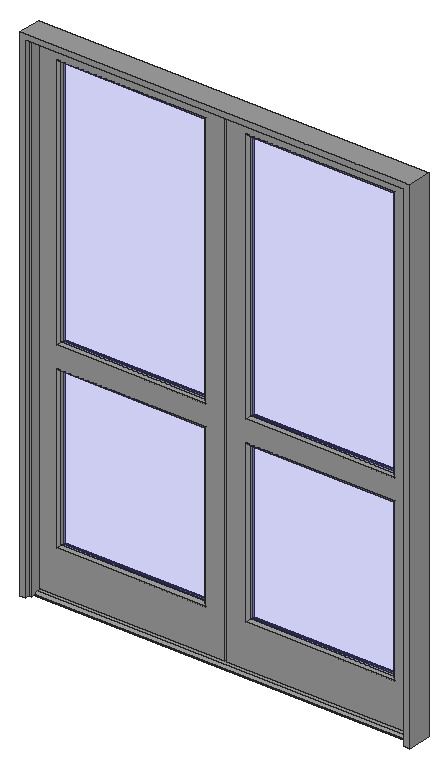
Revit family "MS-375 PIVOT DOOR-Double-VIP-0.25-CW_v05", category Curtain Panels, Revit 2015
Parameters
  Width [instance] = 6' - 2"
  VIP2 Panic Devices [instance] = not(VIP1 Panic Devices)  # yes
  URL = "obe.com"
  Rough Width = 6' - 0"
  Panel Width [instance] = Min Panel Width  # 6' - 0"
  Panel Offset [instance] = 0' - 0"
  Offset [instance] = 0' - 1"
  Model = "MS-375 DOOR"
  Min Rough Width [instance] = if(Rough Width > 6' 1 255/256", Rough Width, 6' 2")  # 6' - 2"
  Min Panel Width [instance] = if(Rough Width > 6' 1 255/256", Rough Width - 0' 2", 6' 0")  # 6' - 0"
  Manufacturer = "Oldcastle BuildingEnvelope®"
  Keynote = "08 11 00"
  Height [instance] = 8' - 0"
  Pushbar Height [instance] = 1' - 0"
  Glass Material = Glass
  Frame Material = Aluminum
  Door Panel Height [instance] = Height - 0' 0 5/8"  # 7' - 11 3/8"
  Description = "MS-375 - 1/4\" Door Infill"
  Assembly Code = "B2030"
  Analytic Construction = "<None>"
  VIP1 Panic Devices [instance] = no
  10 Bottom Rail [instance] = not([8 Bottom Rail])  # no
  8 Bottom Rail [instance] = yes
Reference planes (in)
  plane 1 "Front": y = 0
  plane 2: z = 0
  plane 3 "Center (Left/Right)": x = 0
  plane 4 "Left": x = -37
  plane 5 "Right": x = 37
  plane 6 "Top": z = 96
  plane 7 "Offset": y = -1
  plane 8: y = -2.28244
  plane 9: y = -2.28244
  plane 10: x = -37
  plane 11: x = 37
Forms (in)
  Sweep 1, solid, material "Aluminum" <- "Frame Material"
    path origin (0, -1, 0) x (-1, 0, 0) y (0, 0, 1)
      loop
        line (37, 0) -> (37, 96)
    profile origin (-37, -1, 48) x (1, 0, 0) y (0, 1, 0)
      loop
        line (1, -1.97) -> (1, 0) -> (0, 0) -> (0, -4.5) -> (1, -4.5) -> (1, -3.595) -> (1.5, -3.595) -> (1.5, -1.97) -> (1, -1.97)
  Sweep 2, solid, material "Aluminum" <- "Frame Material"
    path origin (0, -1, 0) x (-1, 0, 0) y (0, 0, 1)
      loop
        line (-37, 0) -> (-37, 96)
    profile origin (37, -1, 48) x (1, 0, 0) y (0, 1, 0)
      loop
        line (-1, -1.97) -> (-1.5, -1.97) -> (-1.5, -3.595) -> (-1, -3.595) -> (-1, -4.5) -> (0, -4.5) -> (0, 0) -> (-1, 0) -> (-1, -1.97)
  Extrusion 3, solid, material "Aluminum" <- "Frame Material"
    sketch origin (-37, 0, 0) x (0, -1, 0) y (0, 0, 1)
      loop
        line (2.97, 94.5) -> (4.595, 94.5) -> (4.595, 95) -> (5.5, 95) -> (5.5, 96) -> (1, 96) -> (1, 95) -> (2.97, 95) -> (2.97, 94.5)
    from -74 to 0
Cuts and joins
  joined: Sweep 1, Sweep 2, Extrusion 3
Text (in)
  text "Exterior" at (-54.29358, 31.38743, 0), in view "Ref. Level"
  text "Exterior" at (480, 41.53993, 89.60405), in view "Right"
  text "Exterior" at (-240, 57.82419, 105.78864), in view "Left"
Dimensions and locks (in)
  equal spacing: plane 4 "Left", plane 3 "Center (Left/Right)", plane 5 "Right"
  "Width": plane 4 "Left" to plane 5 "Right"
  "Height": plane 6 "Top" to plane 2
  "Offset": plane 1 "Front" to plane 7 "Offset"
  locked: plane 7 "Offset" to plane 8 at 1.28244
  locked: plane 7 "Offset" to plane 9 at 1.28244
  Extrusion 3 sketch curve to Extrusion 3 sketch curve to Extrusion 3 sketch curve = 0' - 0 1/2" locked, 0' - 0" locked
  Extrusion 3 sketch curve to Extrusion 3 sketch curve to Extrusion 3 sketch curve to Extrusion 3 sketch curve = 0' - 1.97" locked, 0' - 1 5/8" locked, 0' - 0.905" locked
  locked: Extrusion 3 sketch curve to Extrusion 3 sketch curve at 1
  equal spacing: plane 10, plane 3 "Center (Left/Right)", plane 11
  "Min Rough Width": plane 10 to plane 11
  aligned and locked: level to plane 2
  aligned and locked: plane 6 "Top" to Sweep 1 sketch curve
  aligned and locked: level to Sweep 1 sketch curve
  aligned and locked: plane 6 "Top" to Sweep 2 sketch curve
  aligned and locked: level to Sweep 2 sketch curve
  aligned and locked: Extrusion 3 to plane 6 "Top"
  aligned and locked: Extrusion 3 sketch curve to plane 6 "Top"
  aligned and locked: plane 3 "Center (Left/Right)" to nested 1
  aligned and locked: nested 1 to plane 7 "Offset"  (x2)
  aligned and locked: Sweep 1 sketch curve to plane 10
  aligned and locked: plane 11 to Sweep 2 sketch curve
  aligned and locked: cut or joined group of Sweep 1, Sweep 2, Extrusion 3 to plane 11
  aligned and locked: cut or joined group of Sweep 1, Sweep 2, Extrusion 3 to plane 10
Automatic sketch dimensions
  Sweep 1 sketch curve to profile plane = 0' - 0"
  Sweep 1 sketch curve to plane 7 "Offset" = 0' - 0"
  Sweep 1 sketch curve to profile plane = 0' - 1"  (x2)
  Sweep 1 sketch curve to Sweep 1 sketch curve = 0' - 0 1/2"
  Sweep 1 sketch curve to plane 7 "Offset" = 0' - 1.97"
  Sweep 1 sketch curve to Sweep 1 sketch curve = 0' - 1 5/8"
  Sweep 1 sketch curve to Sweep 1 sketch curve = 0' - 0.905"
  Sweep 2 sketch curve to plane 7 "Offset" = 0' - 0"
  Sweep 2 sketch curve to profile plane = 0' - 0"
  profile plane to Sweep 2 sketch curve = 0' - 1"  (x2)
  Sweep 2 sketch curve to Sweep 2 sketch curve = 0' - 0 1/2"
  Sweep 2 sketch curve to plane 7 "Offset" = 0' - 1.97"
  Sweep 2 sketch curve to Sweep 2 sketch curve = 0' - 1 5/8"
  Sweep 2 sketch curve to Sweep 2 sketch curve = 0' - 0.905"
  Extrusion 3 sketch curve to plane 7 "Offset" = 0' - 0"
Nested families (in)
  nested 1: "MS-375 PIVOT DOOR-Double-VIP-0.25-Panel_v04" at (0, -17, 0), Height <- "Door Panel Height", Frame Material <- "Frame Material", Glass Material <- "Glass Material", Width <- "Min Panel Width", VIP1 Panic Devices <- "VIP1 Panic Devices", 8 Bottom Rail <- "8 Bottom Rail", type "MS-375 PIVOT DOOR-Double-VIP-0.25-Panel_v04"
    with Wing Width 3' - 0", built-in parameter 1001301 6' - 0", VIP1 Panic Devices no, Pushbar Height 3' - 5 1/4", Offset 0' - 0", built-in parameter 1001300 7' - 11 3/8", Glass at Muntin 0' - 4 9/16", Glass Material Glass, Frame Material Aluminum, Bottom Rail 0' - 8 31/32", 8 Bottom Rail yes
Definition of nested family "MS-375 PIVOT DOOR-Double-VIP-0.25-Panel_v04"
  Parameters (values of type "MS-375 PIVOT DOOR-Double-VIP-0.25-Panel_v04")
    Wing Width [instance] = Width / 2  # 3' - 0"
    Width [instance] = 6' - 0"
    VIP1 Panic Devices [instance] = no
    Offset [instance] = 0' - 10 15/16"
    Height [instance] = 8' - 0"
    Glass at Muntin [instance] = if(VIP1 Panic Devices, 0' 8 9/16", 0' 4 9/16")  # 0' - 4 9/16"
    Pushbar Height [instance] = 3' - 5 1/4"  # constant formula
    Glass Material [instance] = none
    Frame Material [instance] = none
    Bottom Rail [instance] = if([8 Bottom Rail], 0' 8 31/32", 0' 10 31/32")  # 0' - 8 31/32"
    Analytic Construction = "<None>"
    8 Bottom Rail [instance] = yes
  Reference planes (in)
    plane 1 "00": y = 4.0625
    plane 2: z = 0
    plane 3 "Center (Left/Right)": x = 0
    plane 4: z = 96
    plane 5: x = 36
    plane 6: x = -36
    plane 7 "Center (Front/Back)": y = 16
    plane 8 "Exterior": y = 4.1875
    plane 9: z = 48
    plane 10: z = 92.96875
    plane 11: z = 92.21875
    plane 12: z = 43.53125
    plane 13: z = 38.96875
    plane 14: z = 8.96875
    plane 15 "Offset": y = 5.0625
    plane 16: z = 41.25
  Forms (in)
    Sweep 1, solid, material <- "Frame Material"
      path origin (0, 4.0625, 0) x (1, 0, 0) y (0, 0, 1)
        loop
          line (-35.79246, 96) -> (-0.22004, 96)
      profile origin (-18.00625, 4.0625, 96) x (0, 0, 1) y (0, -1, 0)
        loop
          line (-0.375, -0.875) -> (-0.375, 0.875) -> (-3.49593, 0.875) -> (-4, 0.45204) -> (-4, 0.125) -> (-3.78125, 0.125) -> (-3.78125, -0.125) -> (-4, -0.125) -> (-4, -0.45204) -> (-3.49593, -0.875) -> (-0.375, -0.875)
    Sweep 2, solid, material <- "Frame Material"
      path origin (0, 4.0625, 0) x (1, 0, 0) y (0, 0, 1)
        loop
          line (-0.22004, 0) -> (-35.79246, 0)
      profile origin (-18.00625, 4.0625, 0) x (0, 0, -1) y (0, -1, 0)
        loop
          line (-8.68343, -0.875) -> (-0.6875, -0.875) -> (-0.6875, 0.875) -> (-8.68343, 0.875) -> (-9.1875, 0.45204) -> (-9.1875, 0.125) -> (-8.96875, 0.125) -> (-8.96875, -0.125) -> (-9.1875, -0.125) -> (-9.1875, -0.45204) -> (-8.68343, -0.875)
    Sweep 3, solid, material <- "Frame Material"
      path origin (0, 4.0625, 0) x (1, 0, 0) y (0, 0, 1)
        loop
          line (36, 95.625) -> (36, 0.6875)
      profile origin (36, 4.0625, 48.15625) x (0, -1, 0) y (1, 0, 0)
        loop
          line (0.875, -0.19796) -> (-0.875, -0.08896) -> (-0.875, -3.83376) -> (-0.45204, -4.33783) -> (-0.125, -4.33783) -> (-0.125, -4.11908) -> (0.125, -4.11908) -> (0.125, -4.33783) -> (0.45204, -4.33783) -> (0.875, -3.83376) -> (0.875, -0.19796)
    Sweep 4, solid, material <- "Frame Material"
      path origin (0, 4.0625, 0) x (1, 0, 0) y (0, 0, 1)
        loop
          line (-36, 95.625) -> (-36, 0.6875)
      profile origin (-36, 4.0625, 48.15625) x (0, -1, 0) y (1, 0, 0)
        loop
          line (-0.875, 0.09854) -> (0.875, 0.20754) -> (0.875, 3.84334) -> (0.45204, 4.34741) -> (0.125, 4.34741) -> (0.125, 4.12866) -> (-0.125, 4.12866) -> (-0.125, 4.34741) -> (-0.45204, 4.34741) -> (-0.875, 3.84334) -> (-0.875, 0.09854)
    Sweep 5, solid, material <- "Frame Material"
      path origin (0, 4.0625, 0) x (1, 0, 0) y (0, 0, 1)
        loop
          line (-0.22004, 48) -> (-35.79246, 48)
      profile origin (-18.00625, 4.0625, 48) x (0, 0, -1) y (0, -1, 0)
        loop
          line (4.25, 0.45204) -> (4.25, 0.125) -> (4.46875, 0.125) -> (4.46875, -0.125) -> (4.25, -0.125) -> (4.25, -0.45204) -> (4.75407, -0.875) -> (8.74593, -0.875) -> (9.25, -0.45204) -> (9.25, -0.125) -> (9.03125, -0.125) -> (9.03125, 0.125) -> (9.25, 0.125) -> (9.25, 0.45204) -> (8.74593, 0.875) -> (4.75407, 0.875) -> (4.25, 0.45204)
    Sweep 6, solid, material <- "Frame Material"
      path origin (0, 4.0625, 0) x (1, 0, 0) y (0, 0, 1)
        loop
          line (0, 95.625) -> (0, 0.6875)
      profile origin (0, 4.0625, 48.15625) x (0, -1, 0) y (1, 0, 0)
        loop
          line (-0.875, -0.22004) -> (-0.875, -3.80843) -> (-0.45204, -4.3125) -> (-0.125, -4.3125) -> (-0.125, -4.09375) -> (0.125, -4.09375) -> (0.125, -4.3125) -> (0.45204, -4.3125) -> (0.875, -3.80843) -> (0.875, -0.22004)
          arc (0.875, -0.22004) -> (0, -0.0625) -> (-0.875, -0.22004) r 2.50872
        loop
          arc (-0.875, 0.22004) -> (0, 0.0625) -> (0.875, 0.22004) r 2.50872
          line (0.875, 0.22004) -> (0.875, 3.80843) -> (0.45204, 4.3125) -> (0.125, 4.3125) -> (0.125, 4.09375) -> (-0.125, 4.09375) -> (-0.125, 4.3125) -> (-0.45204, 4.3125) -> (-0.875, 3.80843) -> (-0.875, 0.22004)
    Sweep 7, solid, material <- "Frame Material"
      path origin (0, 4.0625, 0) x (1, 0, 0) y (0, 0, 1)
        loop
          line (0.22004, 96) -> (35.80204, 96)
      profile origin (18.01104, 4.0625, 96) x (0, 0, 1) y (0, -1, 0)
        loop
          line (-0.375, -0.875) -> (-0.375, 0.875) -> (-3.49593, 0.875) -> (-4, 0.45204) -> (-4, 0.125) -> (-3.78125, 0.125) -> (-3.78125, -0.125) -> (-4, -0.125) -> (-4, -0.45204) -> (-3.49593, -0.875) -> (-0.375, -0.875)
    Sweep 8, solid, material <- "Frame Material"
      path origin (0, 4.0625, 0) x (1, 0, 0) y (0, 0, 1)
        loop
          line (35.80204, 48) -> (0.22004, 48)
      profile origin (18.01104, 4.0625, 48) x (0, 0, -1) y (0, -1, 0)
        loop
          line (4.25, 0.45204) -> (4.25, 0.125) -> (4.46875, 0.125) -> (4.46875, -0.125) -> (4.25, -0.125) -> (4.25, -0.45204) -> (4.75407, -0.875) -> (8.74593, -0.875) -> (9.25, -0.45204) -> (9.25, -0.125) -> (9.03125, -0.125) -> (9.03125, 0.125) -> (9.25, 0.125) -> (9.25, 0.45204) -> (8.74593, 0.875) -> (4.75407, 0.875) -> (4.25, 0.45204)
    Sweep 9, solid, material <- "Frame Material"
      path origin (0, 4.0625, 0) x (1, 0, 0) y (0, 0, 1)
        loop
          line (35.80204, 0) -> (0.22004, 0)
      profile origin (18.01104, 4.0625, 0) x (0, 0, -1) y (0, -1, 0)
        loop
          line (-8.68343, -0.875) -> (-0.6875, -0.875) -> (-0.6875, 0.875) -> (-8.68343, 0.875) -> (-9.1875, 0.45204) -> (-9.1875, 0.125) -> (-8.96875, 0.125) -> (-8.96875, -0.125) -> (-9.1875, -0.125) -> (-9.1875, -0.45204) -> (-8.68343, -0.875)
    Extrusion 10, solid, material <- "Glass Material"
      sketch origin (0, 0, 0) x (1, 0, 0) y (0, 1, 0)
        loop
          line (-31.87021, 4.1875) -> (-31.87021, 3.9375) -> (-4.09375, 3.9375) -> (-4.09375, 4.1875) -> (-31.87021, 4.1875)
      from 8.96875 to 38.96875
    Extrusion 11, solid, material <- "Glass Material"
      sketch origin (0, 0, 0) x (1, 0, 0) y (0, 1, 0)
        loop
          line (4.09375, 4.1875) -> (4.09375, 3.9375) -> (31.87979, 3.9375) -> (31.87979, 4.1875) -> (4.09375, 4.1875)
      from 8.96875 to 38.96875
    Extrusion 12, solid, material <- "Glass Material"
      sketch origin (0, 0, 0) x (1, 0, 0) y (0, 1, 0)
        loop
          line (-4.09375, 4.1875) -> (-31.87021, 4.1875) -> (-31.87021, 3.9375) -> (-4.09375, 3.9375) -> (-4.09375, 4.1875)
      from 43.53125 to 92.21875
    Extrusion 13, solid, material <- "Glass Material"
      sketch origin (0, 0, 0) x (1, 0, 0) y (0, 1, 0)
        loop
          line (31.87979, 4.1875) -> (4.09375, 4.1875) -> (4.09375, 3.9375) -> (31.87979, 3.9375) -> (31.87979, 4.1875)
      from 43.53125 to 92.21875
    Sweep 14, solid, material <- "Frame Material"
      path origin (0, 5.0625, 0) x (1, 0, 0) y (0, 0, 1)
        loop
          line (-35.79246, 0) -> (35.80204, 0)
      profile origin (0.00479, 5.0625, 0) x (0, 0, 1) y (0, -1, 0)
        loop
          line (0.5, 2.468) -> (0.19364, 3.125) -> (0, 3.125) -> (0, -0.875) -> (0.19364, -0.875) -> (0.5, -0.218) -> (0.5, 2.468)
  Cuts and joins
    joined: Sweep 1, Sweep 2, Sweep 3, Sweep 4, Sweep 5, Sweep 6, Sweep 7, Sweep 8, Sweep 9
  Lines and regions (in)
    model lines
      curve 1: line (4.09375, 4.1875, 92.21875) -> (31.87979, 4.1875, 48)
      curve 2: line (31.87979, 4.1875, 48) -> (4.09375, 4.1875, 8.96875)
      curve 3: line (-4.09375, 4.1875, 92.21875) -> (-31.87134, 4.1875, 48)
      curve 4: line (-31.87134, 4.1875, 48) -> (-4.09375, 4.1875, 8.96875)
  Dimensions and locks (in)
    "Height": plane 4 to level
    "Width": plane 6 to plane 5
    "Offset": plane 15 "Offset" to plane 7 "Center (Front/Back)"
    plane 1 "00" to plane 8 "Exterior" to plane 15 "Offset" = 0' - 0 1/8" locked, 0' - 0 7/8" locked
    equal spacing: level, plane 9, plane 4
    locked: Sweep 2 sketch curve to plane 6 at 0.20754
    locked: plane 3 "Center (Left/Right)" to Sweep 2 sketch curve at 0.22004
    locked: Sweep 3 sketch curve to plane 4 at 0.375
    locked: Sweep 4 sketch curve to plane 4 at 0.375
    locked: Sweep 1 sketch curve to plane 6 at 0.20754
    locked: plane 3 "Center (Left/Right)" to Sweep 1 sketch curve at 0.22004
    "Bottom Rail": Sweep 2 sketch curve to level
    Sweep 2 sketch curve to Sweep 2 sketch curve to Sweep 2 sketch curve to Sweep 2 sketch curve to Sweep 2 sketch curve = 0' - 0" locked, 0' - 0 7/32" locked, 0' - 0.28532" locked, 0' - 0" locked
    locked: plane 3 "Center (Left/Right)" to Sweep 5 sketch curve at 0.22004
    locked: Sweep 5 sketch curve to plane 6 at 0.20754
    plane 12 to Sweep 5 sketch curve to Sweep 5 sketch curve = 0' - 0.28532" locked, 0' - 0" locked
    Sweep 5 sketch curve to Sweep 5 sketch curve to Sweep 5 sketch curve to plane 13 to Sweep 5 sketch curve = 0' - 0" locked, 0' - 0.28532" locked, 0' - 0" locked, 0' - 0 7/32" locked
    locked: Sweep 7 sketch curve to plane 3 "Center (Left/Right)" at 0.22004
    locked: plane 5 to Sweep 7 sketch curve at 0.19796
    "Glass at Muntin": plane 12 to plane 13
    plane 12 to Sweep 8 sketch curve to Sweep 8 sketch curve = 0' - 0.28532" locked, 0' - 0" locked
    Sweep 8 sketch curve to Sweep 8 sketch curve to plane 13 to Sweep 8 sketch curve to Sweep 8 sketch curve = 0' - 0" locked, 0' - 0.28532" locked, 0' - 0 7/32" locked, 0' - 0" locked
    locked: plane 5 to Sweep 8 sketch curve at 0.19796
    locked: Sweep 8 sketch curve to plane 3 "Center (Left/Right)" at 0.22004
    Sweep 9 sketch curve to Sweep 9 sketch curve to plane 14 to Sweep 9 sketch curve to Sweep 9 sketch curve = 0' - 0" locked, 0' - 0 7/32" locked, 0' - 0.28532" locked, 0' - 0" locked
    locked: plane 5 to Sweep 9 sketch curve at 0.19796
    locked: Sweep 9 sketch curve to plane 3 "Center (Left/Right)" at 0.22004
    Extrusion 11 sketch curve to plane 1 "00" to Extrusion 11 sketch curve = 0' - 0 1/8" locked, 0' - 0 1/8" locked
    locked: Extrusion 11 sketch curve to plane 5 at 4.12021
    locked: plane 3 "Center (Left/Right)" to Extrusion 11 sketch curve at 4.09375
    Extrusion 10 sketch curve to plane 1 "00" to Extrusion 10 sketch curve = 0' - 0 1/8" locked, 0' - 0 1/8" locked
    locked: plane 6 to Extrusion 10 sketch curve at 4.12979
    locked: Extrusion 10 sketch curve to plane 3 "Center (Left/Right)" at 4.09375
    "Bottom Rail": level to plane 14
    locked: plane 6 to Extrusion 12 sketch curve at 4.12979
    locked: Extrusion 12 sketch curve to plane 3 "Center (Left/Right)" at 4.09375
    Extrusion 12 sketch curve to plane 1 "00" to Extrusion 12 sketch curve = 0' - 0 1/8" locked, 0' - 0 1/8" locked
    locked: plane 4 to plane 11 at 3.78125
    Extrusion 13 sketch curve to plane 1 "00" to Extrusion 13 sketch curve = 0' - 0 1/8" locked, 0' - 0 1/8" locked
    locked: Extrusion 13 sketch curve to plane 5 at 4.12021
    locked: plane 3 "Center (Left/Right)" to Extrusion 13 sketch curve at 4.09375
    locked: plane 4 to Extrusion 13 at 3.78125
    equal spacing: plane 6, plane 3 "Center (Left/Right)", plane 5
    equal spacing: plane 13, plane 16, plane 12
    "Pushbar Height": plane 2 to plane 16
    locked: plane 5 to Sweep 14 sketch curve at 0.19796
    locked: Sweep 14 sketch curve to plane 6 at 0.20754
    locked: Sweep 4 sketch curve to plane 2 at 0.6875
    locked: Sweep 6 sketch curve to plane 2 at 0.6875
    locked: Sweep 3 sketch curve to plane 2 at 0.6875
    locked: plane 4 to Sweep 6 sketch curve at 0.375
    aligned and locked: plane 2 to level
    aligned and locked: Sweep 1 sketch curve to plane 4
    aligned and locked: Sweep 2 sketch curve to level
    aligned and locked: plane 5 to Sweep 3 sketch curve
    aligned and locked: plane 6 to Sweep 4 sketch curve
    aligned and locked: Sweep 5 sketch curve to plane 9
    aligned and locked: plane 3 "Center (Left/Right)" to Sweep 6 sketch curve
    aligned and locked: Sweep 9 sketch curve to level
    aligned and locked: Sweep 8 sketch curve to plane 9
    aligned and locked: plane 4 to Sweep 7 sketch curve
    aligned and locked: Extrusion 12 to cut or joined group of Sweep 1, Sweep 2, Sweep 3, Sweep 4, Sweep 5, Sweep 6, Sweep 7, Sweep 8, Sweep 9
    aligned and locked: Extrusion 13 to cut or joined group of Sweep 1, Sweep 2, Sweep 3, Sweep 4, Sweep 5, Sweep 6, Sweep 7, Sweep 8, Sweep 9
    aligned and locked: Extrusion 13 to plane 11
    aligned and locked: Sweep 8 sketch curve to plane 13
    aligned and locked: Extrusion 11 to plane 13
    aligned and locked: plane 12 to Extrusion 13
    aligned and locked: Sweep 7 sketch curve to plane 11
    aligned and locked: plane 14 to Extrusion 11
    aligned and locked: plane 14 to Sweep 9 sketch curve
    aligned and locked: Sweep 1 sketch curve to plane 11
    aligned and locked: Sweep 5 sketch curve to plane 12
    aligned and locked: plane 12 to Extrusion 12
    aligned and locked: Extrusion 10 to plane 13
    aligned and locked: plane 14 to Extrusion 10
    aligned and locked: Extrusion 12 to plane 11
    aligned and locked: cut or joined group of Sweep 1, Sweep 2, Sweep 3, Sweep 4, Sweep 5, Sweep 6, Sweep 7, Sweep 8, Sweep 9 to curve 4  (x2)
    aligned and locked: plane 14 to curve 4
    aligned and locked: plane 9 to curve 4
    aligned and locked: curve 3 to cut or joined group of Sweep 1, Sweep 2, Sweep 3, Sweep 4, Sweep 5, Sweep 6, Sweep 7, Sweep 8, Sweep 9
    aligned and locked: plane 11 to curve 3
    aligned and locked: cut or joined group of Sweep 1, Sweep 2, Sweep 3, Sweep 4, Sweep 5, Sweep 6, Sweep 7, Sweep 8, Sweep 9 to curve 1
    aligned and locked: plane 9 to curve 2
    aligned and locked: cut or joined group of Sweep 1, Sweep 2, Sweep 3, Sweep 4, Sweep 5, Sweep 6, Sweep 7, Sweep 8, Sweep 9 to curve 2
    aligned and locked: plane 14 to curve 2
    aligned and locked: Sweep 14 sketch curve to plane 2
  Automatic sketch dimensions
    plane 1 "00" to Sweep 1 sketch curve = 0' - 0 1/8"
    Sweep 1 sketch curve to plane 1 "00" = 0' - 0.45204"
    Sweep 1 sketch curve to Sweep 1 sketch curve = 0' - 0"
    Sweep 1 sketch curve to Sweep 1 sketch curve = 0' - 0 7/32"
    plane 1 "00" to Sweep 1 sketch curve = 0' - 0 7/8"
    Sweep 1 sketch curve to Sweep 1 sketch curve = 0' - 0.50407"  (x2)
    profile plane to Sweep 1 sketch curve = 0' - 0 3/8"
    Sweep 1 sketch curve to plane 1 "00" = 0' - 0 7/8"
    Sweep 1 sketch curve to plane 1 "00" = 0' - 0 1/8"
    Sweep 1 sketch curve to Sweep 1 sketch curve = 0' - 0.32704"
    plane 1 "00" to Sweep 6 sketch curve = 0' - 0"  (x2)
    Sweep 6 sketch curve to plane 1 "00" = 0' - 0 1/8"  (x2)
    Sweep 6 sketch curve to Sweep 6 sketch curve = 0' - 0.32704"  (x4)
    Sweep 6 sketch curve to profile plane = 0' - 0.22004"
    Sweep 6 sketch curve to plane 1 "00" = 0' - 0 7/8"
    Sweep 6 sketch curve to Sweep 6 sketch curve = 0' - 0.42296"  (x3)
    plane 1 "00" to Sweep 6 sketch curve = 0' - 0 1/8"  (x2)
    profile plane to Sweep 6 sketch curve = 0' - 0.22004"
    Sweep 6 sketch curve to Sweep 6 sketch curve = 0' - 3.58839"  (x2)
    Sweep 6 sketch curve to Sweep 6 sketch curve = 0' - 0"  (x2)
    Sweep 6 sketch curve to Sweep 6 sketch curve = 0' - 0.28532"  (x2)
    Sweep 6 sketch curve to Sweep 6 sketch curve = 0' - 1.52253"  (x2)
    Sweep 6 sketch curve to Sweep 6 sketch curve = 0' - 1.74128"  (x4)
    plane 1 "00" to Sweep 7 sketch curve = 0' - 0 1/8"
    Sweep 7 sketch curve to plane 1 "00" = 0' - 0.45204"
    Sweep 7 sketch curve to Sweep 7 sketch curve = 0' - 0"
    Sweep 7 sketch curve to Sweep 7 sketch curve = 0' - 0 7/32"
    plane 1 "00" to Sweep 7 sketch curve = 0' - 0 7/8"
    Sweep 7 sketch curve to Sweep 7 sketch curve = 0' - 0.50407"  (x2)
    profile plane to Sweep 7 sketch curve = 0' - 0 3/8"
    Sweep 7 sketch curve to plane 1 "00" = 0' - 0 7/8"
    Sweep 7 sketch curve to plane 1 "00" = 0' - 0 1/8"
    Sweep 7 sketch curve to Sweep 7 sketch curve = 0' - 0.32704"
    Sweep 8 sketch curve to Sweep 8 sketch curve = 0' - 0 7/32"  (x2)
    Sweep 8 sketch curve to plane 1 "00" = 0' - 0 7/8"
    Sweep 8 sketch curve to plane 1 "00" = 0' - 0.45204"  (x2)
    Sweep 8 sketch curve to plane 1 "00" = 0' - 0 1/8"  (x2)
    plane 1 "00" to Sweep 8 sketch curve = 0' - 0 1/8"  (x2)
    Sweep 8 sketch curve to Sweep 8 sketch curve = 0' - 0.32704"  (x2)
    Sweep 8 sketch curve to Sweep 8 sketch curve = 0' - 0.42296"
    Sweep 8 sketch curve to Sweep 8 sketch curve = 0' - 0.28532"
    Sweep 5 sketch curve to Sweep 5 sketch curve = 0' - 0 7/32"  (x3)
    Sweep 5 sketch curve to plane 1 "00" = 0' - 0 7/8"
    Sweep 5 sketch curve to plane 1 "00" = 0' - 0.45204"  (x2)
    Sweep 5 sketch curve to plane 1 "00" = 0' - 0 1/8"  (x2)
    plane 1 "00" to Sweep 5 sketch curve = 0' - 0 1/8"  (x2)
    Sweep 5 sketch curve to Sweep 5 sketch curve = 0' - 0.32704"  (x2)
    Sweep 5 sketch curve to Sweep 5 sketch curve = 0' - 0.42296"
    profile plane to Sweep 9 sketch curve = 0' - 0 11/16"
    Sweep 9 sketch curve to plane 1 "00" = 0' - 0.45204"
    Sweep 9 sketch curve to plane 1 "00" = 0' - 0 1/8"
    plane 1 "00" to Sweep 9 sketch curve = 0' - 0 1/8"
    Sweep 9 sketch curve to Sweep 9 sketch curve = 0' - 0.32704"
    Sweep 9 sketch curve to Sweep 9 sketch curve = 0' - 0.42296"  (x2)
    Sweep 4 sketch curve to plane 1 "00" = 0' - 0 7/8"
    Sweep 4 sketch curve to plane 1 "00" = 0' - 0.45204"
    Sweep 4 sketch curve to plane 1 "00" = 0' - 0 1/8"
    plane 1 "00" to Sweep 4 sketch curve = 0' - 0 1/8"
    Sweep 4 sketch curve to Sweep 4 sketch curve = 0' - 0.32704"
    Sweep 4 sketch curve to Sweep 4 sketch curve = 0' - 0.42296"
    Sweep 4 sketch curve to profile plane = 0' - 3.84334"
    Sweep 4 sketch curve to Sweep 4 sketch curve = 0' - 0"
    Sweep 4 sketch curve to Sweep 4 sketch curve = 0' - 0.28532"
    Sweep 4 sketch curve to Sweep 4 sketch curve = 0' - 0 7/32"  (x2)
    Sweep 4 sketch curve to profile plane = 0' - 0.20754"
    Sweep 4 sketch curve to profile plane = 0' - 0.09854"
    Sweep 3 sketch curve to plane 1 "00" = 0' - 0 7/8"
    Sweep 3 sketch curve to plane 1 "00" = 0' - 0.45204"
    Sweep 3 sketch curve to plane 1 "00" = 0' - 0 1/8"
    plane 1 "00" to Sweep 3 sketch curve = 0' - 0 1/8"
    Sweep 3 sketch curve to Sweep 3 sketch curve = 0' - 0.32704"
    Sweep 3 sketch curve to Sweep 3 sketch curve = 0' - 0.42296"
    profile plane to Sweep 3 sketch curve = 0' - 4.33783"
    Sweep 3 sketch curve to Sweep 3 sketch curve = 0' - 0"
    Sweep 3 sketch curve to Sweep 3 sketch curve = 0' - 0 7/32"
    Sweep 3 sketch curve to Sweep 3 sketch curve = 0' - 0.50407"  (x2)
    profile plane to Sweep 3 sketch curve = 0' - 0.08896"
    profile plane to Sweep 3 sketch curve = 0' - 0.19796"
    curve 1 to plane 11 = 0' - 0"
    curve 2 to plane 5 = 0' - 4.12021"
    Sweep 14 sketch curve to profile plane = 0' - 0.19364"  (x2)
    Sweep 14 sketch curve to plane 15 "Offset" = 0' - 0 7/8"
    Sweep 14 sketch curve to profile plane = 0' - 0"
    Sweep 14 sketch curve to plane 15 "Offset" = 0' - 0.218"
    Sweep 14 sketch curve to Sweep 14 sketch curve = 0' - 2.686"
    Sweep 14 sketch curve to profile plane = 0' - 0 1/2"
    Sweep 14 sketch curve to Sweep 14 sketch curve = 0' - 0.657"
    profile plane to Sweep 2 sketch curve = 0' - 0 11/16"
    Sweep 2 sketch curve to plane 1 "00" = 0' - 0 7/8"
    Sweep 2 sketch curve to plane 1 "00" = 0' - 0.45204"
    Sweep 2 sketch curve to plane 1 "00" = 0' - 0 1/8"
    plane 1 "00" to Sweep 2 sketch curve = 0' - 0 1/8"
    Sweep 2 sketch curve to Sweep 2 sketch curve = 0' - 0.32704"
    Sweep 2 sketch curve to Sweep 2 sketch curve = 0' - 0.42296"
